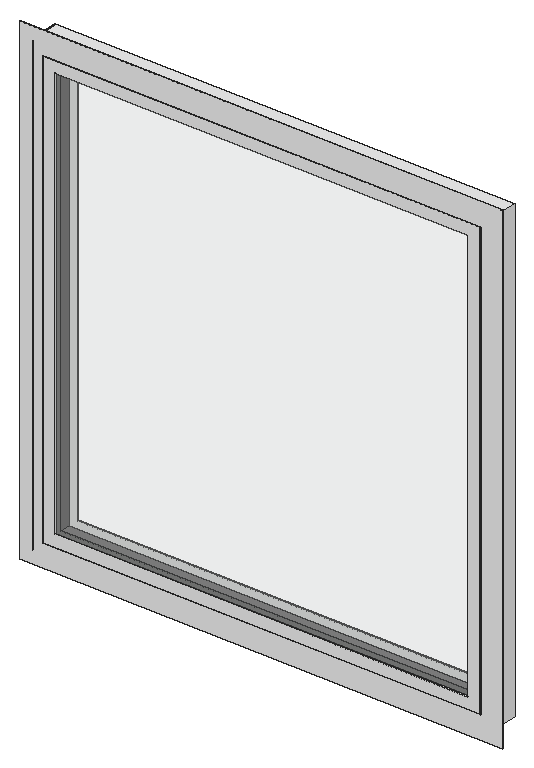
Revit family "Casement_28_B_Side_Hung_Standard", category Windows, host Wall, Revit 2014
Parameters (values of type "Casement_Sash_DG")
  Width Sash [instance] = 30 mm
  Width Sash Inner = 15 mm
  Width Bead = 15 mm
  Top Hung [instance] = yes
  Side Hung Right [instance] = yes
  Side Hung Left [instance] = yes
  Sash Opening Width [instance] = 600 mm
  Sash Opening Height [instance] = 600.312 mm
  Sash Lip = 15 mm
  Glazing Material [instance] = Glass
  DG Start Piece 2 [instance] = DG End Piece 1 + DG Gasket Thickness  # 25 mm
  DG Start Peice 1 [instance] = (Depth Sash - (2 * DG Glazing Thickness) - DG Gasket Thickness) / 2  # 6.6 mm
  Glazing Offset = 5 mm
  DG Glazing Thickness [instance] = 6.4 mm
  DG Gasket Thickness = 12 mm  # constant formula
  DG Gasket Material [instance] = Double Glazing Gasket Material
  DG End Piece 2 [instance] = DG Start Piece 2 + DG Glazing Thickness  # 31.4 mm
  DG End Piece 1 [instance] = DG Start Peice 1 + DG Glazing Thickness  # 13 mm
  Depth Sash [instance] = 38 mm
  Center Vertical Sash [instance] = Sash Opening Height / 2  # 300.156 mm
  Center Horizontal Sash [instance] = Sash Opening Width / 2  # 300 mm
  Bottom Hung [instance] = yes
  Bead Offset = 15 mm
  Aluminium Thickness = 1 mm
  Aluminium Material [instance] = White Powder Coated Aluminium
Reference planes
  plane 1 "Center (Front/Back)": y = 0
  plane 2: z = 0
  plane 3 "Center (Left/Right)": x = 0
Forms (mm)
  Sweep 1, solid, material "White Powder Coated Aluminium" <- "Aluminium Material"
    path origin (16.177, 0, 121.331) x (1, 0, 0) y (0, 0, 1)
      loop
        line (0, 0) -> (600, 0) -> (600, 600.312) -> (0, 600.312) -> (0, 0)
    profile origin (316.177, 0, 121.331) x (0, 0, 1) y (0, -1, 0)
      loop
        line (0, 0) -> (30, 0) -> (30, 1) -> (15, 1) -> (15, 38) -> (-15, 38) -> (-15, 37) -> (0, 37) -> (0, 0)
      loop
        line (14, 1) -> (14, 37) -> (1, 37) -> (1, 1) -> (14, 1)
  Sweep 2, solid, material "White Powder Coated Aluminium" <- "Aluminium Material"
    path origin (0, 0, 0) x (1, 0, 0) y (0, 0, 1)
      loop
        line (31.177, 706.643) -> (31.177, 136.331) -> (601.177, 136.331) -> (601.177, 706.643) -> (31.177, 706.643)
    profile origin (316.177, 0, 706.643) x (0, 0, 1) y (0, -1, 0)
      loop
        line (0, 37) -> (0, 38) -> (-15, 38) -> (-15, 37) -> (0, 37)
  Extrusion 3, solid, material "Glass" <- "Glazing Material"
    sketch origin (0, 0, 0) x (1, 0, 0) y (0, 0, 1)
      loop
        line (36.177, 701.643) -> (36.177, 141.331) -> (596.177, 141.331) -> (596.177, 701.643) -> (36.177, 701.643)
    from 6.6 <- "DG Start Peice 1" to 13 <- "DG End Piece 1"
  Extrusion 4, solid, material "Glass" <- "Glazing Material"
    sketch origin (0, 0, 0) x (1, 0, 0) y (0, 0, 1)
      loop
        line (36.177, 701.643) -> (36.177, 141.331) -> (596.177, 141.331) -> (596.177, 701.643) -> (36.177, 701.643)
    from 31.4 <- "DG End Piece 2" to 25 <- "DG Start Piece 2"
  Sweep 5, solid, material "Double Glazing Gasket Material" <- "DG Gasket Material"
    path origin (0, -13, 0) x (1, 0, 0) y (0, 0, 1)
      loop
        line (36.177, 701.643) -> (36.177, 141.331) -> (596.177, 141.331) -> (596.177, 701.643) -> (36.177, 701.643)
    profile origin (316.177, -13, 701.643) x (0, 0, 1) y (0, -1, 0)
      loop
        line (0, 0) -> (0, 12) -> (-7.96, 12) -> (-7.96, 0) -> (0, 0)
Lines and regions (mm)
  model lines
    curve 1: line (1.177, -38, 736.643) -> (31.177, -38, 706.643)
    curve 2: line (601.177, -38, 706.643) -> (631.177, -38, 736.643)
    curve 3: line (601.177, -38, 136.331) -> (631.177, -38, 106.331)
    curve 4: line (1.177, -38, 106.331) -> (31.177, -38, 136.331)
    curve 5: line (631.177, -37, 736.643) -> (616.177, -37, 721.643)
    curve 6: line (1.177, -37, 736.643) -> (16.177, -37, 721.643)
    curve 7: line (1.177, -37, 106.331) -> (16.177, -37, 121.331)
    curve 8: line (631.177, -37, 106.331) -> (616.177, -37, 121.331)
    curve 9: line (616.177, 0, 121.331) -> (586.177, 0, 151.331)
    curve 10: line (46.177, 0, 151.331) -> (16.177, 0, 121.331)
    curve 11: line (616.177, 0, 721.643) -> (586.177, 0, 691.643)
    curve 12: line (46.177, 0, 691.643) -> (16.177, 0, 721.643)
    curve 13: line (31.177, -38, 691.643) -> (46.177, -38, 691.643)
    curve 14: line (586.177, -38, 691.643) -> (601.177, -38, 691.643)
    curve 15: line (586.177, -38, 151.331) -> (601.177, -38, 151.331)
    curve 16: line (31.177, -38, 151.331) -> (46.177, -38, 151.331)
  model lines, style "GenericModelHiddenLines", visible <- "Top Hung"
    curve 17: line (46.386, -31.4, 690.914) -> (316.177, -31.4, 151.331)
    curve 18: line (316.177, -31.4, 151.331) -> (586.177, -31.4, 691.331)
  model lines, style "GenericModelHiddenLines", visible <- "Bottom Hung"
    curve 19: line (46.177, -31.4, 151.331) -> (316.177, -31.4, 691.331)
    curve 20: line (316.177, -31.4, 691.331) -> (586.177, -31.4, 151.331)
  model lines, style "GenericModelHiddenLines", visible <- "Side Hung Left"
    curve 21: line (46.386, -31.4, 690.914) -> (585.24, -31.4, 421.487)
    curve 22: line (585.24, -31.4, 421.487) -> (46.177, -31.4, 151.331)
  model lines, style "GenericModelHiddenLines", visible <- "Side Hung Right"
    curve 23: line (586.177, -31.4, 691.331) -> (46.177, -31.4, 421.487)
    curve 24: line (46.177, -31.4, 421.487) -> (586.177, -31.4, 151.331)
Dimensions and locks
  "Aluminium Thickness": Sweep 1 sketch curve to Sweep 1 sketch curve  (x4)
  "Depth Sash": Sweep 1 sketch curve to Sweep 1 sketch curve
  "Sash Opening Width": Sweep 1 to Sweep 1
  "Sash Opening Height": Sweep 1 to Sweep 1
  "Width Sash": Sweep 1 sketch curve to Sweep 1 sketch curve  (x2)
  "Width Sash Inner": Sweep 1 sketch curve to Sweep 1 sketch curve
  "Sash Lip": Sweep 1 sketch curve to Sweep 1 sketch curve
  "Aluminium Thickness": Sweep 1 to Sweep 2 sketch curve
  "Glazing Offset": Sweep 2 to Extrusion 3 sketch curve  (x3)
  "Glazing Offset": Extrusion 3 sketch curve to Sweep 2
  Sweep 1 to Sweep 1 = 1 mm
  "Aluminium Thickness": Sweep 2 sketch curve to Sweep 2 sketch curve
  "Width Bead": Sweep 2 sketch curve to Sweep 2 sketch curve
  locked: Sweep 5 sketch curve to Sweep 5 sketch curve at 7.96
  "Center Horizontal Sash": Sweep 1 to curve 18
  "Center Horizontal Sash": Sweep 1 to curve 20
  "Center Vertical Sash": Sweep 1 to curve 22
  "Center Vertical Sash": Sweep 1 to curve 24
  aligned and locked: level to plane 2
  aligned and locked: Sweep 1 sketch curve to Sweep 1 sketch curve  (x2)
  aligned and locked: Sweep 2 sketch curve to Sweep 1  (x5)
  aligned and locked: Extrusion 4 sketch curve to Extrusion 3  (x4)
  aligned and locked: Sweep 5 sketch curve to Extrusion 3  (x5)
  aligned and locked: Extrusion 3 to Sweep 5 sketch curve
Automatic sketch dimensions
  plane 3 "Center (Left/Right)" to Sweep 1 sketch curve = 16.177 mm
  level to Sweep 1 sketch curve = 121.331 mm
  plane 3 "Center (Left/Right)" to Sweep 1 sketch curve = 616.177 mm
  level to Sweep 1 sketch curve = 721.643 mm
  profile plane to Sweep 5 sketch curve = 12 mm
  curve 7 to Sweep 1 = 0 mm  (x4)
  curve 6 to Sweep 1 = 0 mm  (x3)
  Sweep 1 to curve 6 = 0 mm
  curve 5 to Sweep 1 = 0 mm  (x3)
  curve 8 to Sweep 1 = 0 mm  (x4)
  Sweep 1 to curve 5 = 0 mm
  curve 16 to Sweep 2 = 0 mm  (x3)
  curve 13 to Sweep 2 = 0 mm  (x3)
  curve 15 to Sweep 2 = 0 mm
  Sweep 2 to curve 15 = 0 mm  (x2)
  curve 14 to Sweep 2 = 0 mm  (x2)
  Sweep 2 to curve 14 = 0 mm
  curve 1 to Sweep 1 = 0 mm  (x4)
  curve 4 to Sweep 1 = 0 mm  (x3)
  Sweep 1 to curve 4 = 0 mm
  curve 3 to Sweep 1 = 0 mm  (x3)
  curve 2 to Sweep 1 = 0 mm  (x4)
  Sweep 1 to curve 3 = 0 mm
  curve 10 to Sweep 1 = 0 mm  (x4)
  curve 12 to Sweep 1 = 0 mm  (x3)
  Sweep 1 to curve 12 = 0 mm
  curve 9 to Sweep 1 = 0 mm  (x4)
  curve 11 to Sweep 1 = 0 mm  (x3)
  Sweep 1 to curve 11 = 0 mm
  Sweep 1 sketch curve to plane 1 "Center (Front/Back)" = 0 mm
  profile plane to Sweep 1 sketch curve = 0 mm
  curve 21 to Extrusion 4 = 10.208 mm
  curve 19 to Extrusion 4 = 10 mm
  curve 23 to Extrusion 4 = 10 mm  (x2)
  curve 22 to Extrusion 4 = 10.937 mm
  curve 20 to Extrusion 4 = 10 mm
  curve 24 to Extrusion 4 = 10 mm
  curve 22 to Extrusion 4 = 10 mm
  curve 18 to Extrusion 4 = 10 mm
  curve 21 to Extrusion 4 = 10.729 mm
  curve 19 to Extrusion 4 = 10.312 mm
  curve 18 to Extrusion 4 = 10.312 mm
Types in the file's own list only (18): name | Windload Design | Width Sash Opening | Width Sash | Width Profile | Width Panel 4 | Width Panel 1 | Width | URL | Offset Window Exterior | Max Pane Area | Limit Fixed Panel Width Max | Intruderprufe U Value | Intruderprufe SHGC Value | Intruderprufe LowE U Value | Intruderprufe LowE SHGC Value | Height Sash Opening | Height | Energy Advantage U Value | Energy Advantage SHGC Value | Custom Window Width | Custom Window Height | Window Exterior Offset | Custom Windload | Custom Sash Width | Single Glazing | Sash Spacing Inner | Sash Overlap | Sash Center Offset | SG Gasket Thickness | Offset Sash Left | Offset Sash Top | Offset Panel 4 Left | Offset Mullion Left | Offset Bead SG Center Reversed | Model | Manufacturer | Limit Window Width Min | Limit Window Width Max | Limit Window Height Min | Limit Window Height Max | Limit Sash Width Min | Limit Sash Width Max | Limit Sash Height Min | Limit Sash Height Max | Limit Fixed Panel Width Min | Length Mullion | Height Sash | Height Panel 4 | Description | Depth Mullion | Frame Center Offset | Depth Bead | Default Sill Height | Wall Closure | Mullion Depth Windload Based | Clearvue U Value | Clearvue SHGC Value | Casement Dimension | Bead SG Gap | Area Pane Right | Area Pane Left
  28-0909S-1000Pa | 1000 mm | 554 mm | 524 mm | 30 mm | 261 mm | 539 mm | 890 mm | "http://www.crealco.co.za/crealco-products.php" | 14 mm | 0.37 m² | 1500 mm | 6.13 | 0.582 | 4.54 | 0.512 | 844 mm | 890 mm | 4.75 | 0.514 | 890 mm | 890 mm | 0 mm | 1000 mm | 554 mm | Yes | 8 mm | 7 mm | 11 mm | 6 mm | 23 mm | 23 mm | 599 mm | 569 mm | 14 mm | "Casement 28" | "Crealco" | 829 mm | 2129 mm | 346 mm | 1246 mm | 300 mm | 600 mm | 300 mm | 1200 mm | 200 mm | 890 mm | 814 mm | 830 mm | "Window 28mm, Type B side hung" | 29 mm | 14 mm | 14 mm | 800 mm | By host | 29 mm | 6.15 | 0.577 | 28 mm | 13 mm | 0.21 m² | 0.37 m²
  28-1209S-1000Pa | 1000 mm | 554 mm | 524 mm | 30 mm | 561 mm | 539 mm | 1190 mm | "http://www.crealco.co.za/crealco-products.php" | 14 mm | 0.45 m² | 1500 mm | 6.06 | 0.601 | 4.39 | 0.544 | 844 mm | 890 mm | 4.16 | 0.559 | 1190 mm | 890 mm | 0 mm | 1000 mm | 554 mm | Yes | 8 mm | 7 mm | 11 mm | 6 mm | 23 mm | 23 mm | 599 mm | 569 mm | 14 mm | "Casement 28" | "Crealco" | 829 mm | 2129 mm | 346 mm | 1246 mm | 300 mm | 600 mm | 300 mm | 1200 mm | 200 mm | 890 mm | 814 mm | 830 mm | "Window 28mm, Type B side hung" | 29 mm | 14 mm | 14 mm | 800 mm | By host | 29 mm | 6.1 | 0.624 | 28 mm | 13 mm | 0.45 m² | 0.37 m²
  28-1509S-1000Pa | 1000 mm | 554 mm | 524 mm | 30 mm | 861 mm | 539 mm | 1490 mm | "http://www.crealco.co.za/crealco-products.php" | 14 mm | 0.70 m² | 1500 mm | 6.01 | 0.625 | 4.3 | 0.563 | 844 mm | 890 mm | 4.51 | 0.58 | 1490 mm | 890 mm | 0 mm | 1000 mm | 554 mm | Yes | 8 mm | 7 mm | 11 mm | 6 mm | 23 mm | 23 mm | 599 mm | 569 mm | 14 mm | "Casement 28" | "Crealco" | 829 mm | 2129 mm | 346 mm | 1246 mm | 300 mm | 600 mm | 300 mm | 1200 mm | 200 mm | 890 mm | 814 mm | 830 mm | "Window 28mm, Type B side hung" | 29 mm | 14 mm | 14 mm | 800 mm | By host | 29 mm | 6.07 | 0.653 | 28 mm | 13 mm | 0.70 m² | 0.37 m²
  28-0912S-1000Pa | 1000 mm | 554 mm | 524 mm | 30 mm | 261 mm | 539 mm | 890 mm | "http://www.crealco.co.za/crealco-products.php" | 14 mm | 0.52 m² | 1500 mm | 6.11 | 0.582 | 4.5 | 0.524 | 1144 mm | 1190 mm | 4.69 | 0.541 | 890 mm | 1190 mm | 0 mm | 1000 mm | 554 mm | Yes | 8 mm | 7 mm | 11 mm | 6 mm | 23 mm | 23 mm | 599 mm | 569 mm | 14 mm | "Casement 28" | "Crealco" | 829 mm | 2129 mm | 346 mm | 1246 mm | 300 mm | 600 mm | 300 mm | 1200 mm | 200 mm | 1190 mm | 1114 mm | 1130 mm | "Window 28mm, Type B side hung" | 29 mm | 14 mm | 14 mm | 800 mm | By host | 29 mm | 6.13 | 0.599 | 28 mm | 13 mm | 0.28 m² | 0.52 m²
  28-0912S-1500Pa | 1500 mm | 554 mm | 524 mm | 30 mm | 261 mm | 539 mm | 890 mm | "http://www.crealco.co.za/crealco-products.php" | 14 mm | 0.52 m² | 1500 mm | 6.15 | 0.564 | 4.64 | 0.524 | 1144 mm | 1190 mm | 4.83 | 0.541 | 890 mm | 1190 mm | 0 mm | 1500 mm | 554 mm | Yes | 8 mm | 7 mm | 11 mm | 6 mm | 23 mm | 23 mm | 599 mm | 569 mm | 14 mm | "Casement 28" | "Crealco" | 829 mm | 2129 mm | 346 mm | 1246 mm | 300 mm | 600 mm | 300 mm | 1200 mm | 200 mm | 1190 mm | 1114 mm | 1130 mm | "Window 28mm, Type B side hung" | 54 mm | 14 mm | 14 mm | 800 mm | By host | 54 mm | 6.25 | 0.599 | 28 mm | 13 mm | 0.28 m² | 0.52 m²
  28-1212S-1000Pa | 1000 mm | 554 mm | 524 mm | 30 mm | 561 mm | 539 mm | 1190 mm | "http://www.crealco.co.za/crealco-products.php" | 14 mm | 0.62 m² | 1500 mm | 6.06 | 0.609 | 4.44 | 0.557 | 1144 mm | 1190 mm | 4.63 | 0.578 | 1190 mm | 1190 mm | 0 mm | 1000 mm | 554 mm | Yes | 8 mm | 7 mm | 11 mm | 6 mm | 23 mm | 23 mm | 599 mm | 569 mm | 14 mm | "Casement 28" | "Crealco" | 829 mm | 2129 mm | 346 mm | 1246 mm | 300 mm | 600 mm | 300 mm | 1200 mm | 200 mm | 1190 mm | 1114 mm | 1130 mm | "Window 28mm, Type B side hung" | 54 mm | 14 mm | 14 mm | 800 mm | By host | 54 mm | 6.17 | 0.646 | 28 mm | 13 mm | 0.62 m² | 0.52 m²
  28-1512S-1000Pa | 1000 mm | 554 mm | 524 mm | 30 mm | 861 mm | 539 mm | 1490 mm | "http://www.crealco.co.za/crealco-products.php" | 14 mm | 0.95 m² | 1500 mm | 6.01 | 0.635 | 4.33 | 0.577 | 1144 mm | 1190 mm | 4.5 | 0.6 | 1490 mm | 1190 mm | 0 mm | 1000 mm | 554 mm | Yes | 8 mm | 7 mm | 11 mm | 6 mm | 23 mm | 23 mm | 599 mm | 569 mm | 14 mm | "Casement 28" | "Crealco" | 829 mm | 2129 mm | 346 mm | 1246 mm | 300 mm | 600 mm | 300 mm | 1200 mm | 200 mm | 1190 mm | 1114 mm | 1130 mm | "Window 28mm, Type B side hung" | 54 mm | 14 mm | 14 mm | 800 mm | By host | 54 mm | 6.12 | 0.675 | 28 mm | 13 mm | 0.95 m² | 0.52 m²
  28-0909S-1500Pa | 1500 mm | 554 mm | 524 mm | 30 mm | 261 mm | 539 mm | 890 mm | "http://www.crealco.co.za/crealco-products.php" | 14 mm | 0.37 m² | 1500 mm | 6.13 | 0.582 | 4.54 | 0.512 | 844 mm | 890 mm | 4.75 | 0.514 | 890 mm | 890 mm | 0 mm | 1500 mm | 554 mm | Yes | 8 mm | 7 mm | 11 mm | 6 mm | 23 mm | 23 mm | 599 mm | 569 mm | 14 mm | "Casement 28" | "Crealco" | 829 mm | 2129 mm | 346 mm | 1246 mm | 300 mm | 600 mm | 300 mm | 1200 mm | 200 mm | 890 mm | 814 mm | 830 mm | "Window 28mm, Type B side hung" | 29 mm | 14 mm | 14 mm | 800 mm | By host | 29 mm | 6.15 | 0.577 | 28 mm | 13 mm | 0.21 m² | 0.37 m²
  28-0909S-2000Pa | 2000 mm | 554 mm | 524 mm | 30 mm | 261 mm | 539 mm | 890 mm | "http://www.crealco.co.za/crealco-products.php" | 14 mm | 0.37 m² | 1500 mm | 6.13 | 0.582 | 4.54 | 0.512 | 844 mm | 890 mm | 4.75 | 0.514 | 890 mm | 890 mm | 0 mm | 2000 mm | 554 mm | Yes | 8 mm | 7 mm | 11 mm | 6 mm | 23 mm | 23 mm | 599 mm | 569 mm | 14 mm | "Casement 28" | "Crealco" | 829 mm | 2129 mm | 346 mm | 1246 mm | 300 mm | 600 mm | 300 mm | 1200 mm | 200 mm | 890 mm | 814 mm | 830 mm | "Window 28mm, Type B side hung" | 29 mm | 14 mm | 14 mm | 800 mm | By host | 29 mm | 6.15 | 0.577 | 28 mm | 13 mm | 0.21 m² | 0.37 m²
  28-0912S-2000Pa | 2000 mm | 554 mm | 524 mm | 30 mm | 261 mm | 539 mm | 890 mm | "http://www.crealco.co.za/crealco-products.php" | 14 mm | 0.52 m² | 1500 mm | 6.15 | 0.564 | 4.64 | 0.524 | 1144 mm | 1190 mm | 4.83 | 0.541 | 890 mm | 1190 mm | 0 mm | 2000 mm | 554 mm | Yes | 8 mm | 7 mm | 11 mm | 6 mm | 23 mm | 23 mm | 599 mm | 569 mm | 14 mm | "Casement 28" | "Crealco" | 829 mm | 2129 mm | 346 mm | 1246 mm | 300 mm | 600 mm | 300 mm | 1200 mm | 200 mm | 1190 mm | 1114 mm | 1130 mm | "Window 28mm, Type B side hung" | 54 mm | 14 mm | 14 mm | 800 mm | By host | 54 mm | 6.25 | 0.599 | 28 mm | 13 mm | 0.28 m² | 0.52 m²
  28-1209S-1500Pa | 1500 mm | 554 mm | 524 mm | 30 mm | 561 mm | 539 mm | 1190 mm | "http://www.crealco.co.za/crealco-products.php" | 14 mm | 0.45 m² | 1500 mm | 6.06 | 0.601 | 4.39 | 0.544 | 844 mm | 890 mm | 4.16 | 0.559 | 1190 mm | 890 mm | 0 mm | 1500 mm | 554 mm | Yes | 8 mm | 7 mm | 11 mm | 6 mm | 23 mm | 23 mm | 599 mm | 569 mm | 14 mm | "Casement 28" | "Crealco" | 829 mm | 2129 mm | 346 mm | 1246 mm | 300 mm | 600 mm | 300 mm | 1200 mm | 200 mm | 890 mm | 814 mm | 830 mm | "Window 28mm, Type B side hung" | 29 mm | 14 mm | 14 mm | 800 mm | By host | 29 mm | 6.1 | 0.624 | 28 mm | 13 mm | 0.45 m² | 0.37 m²
  28-1209S-2000Pa | 2000 mm | 554 mm | 524 mm | 30 mm | 561 mm | 539 mm | 1190 mm | "http://www.crealco.co.za/crealco-products.php" | 14 mm | 0.45 m² | 1500 mm | 6.06 | 0.601 | 4.39 | 0.544 | 844 mm | 890 mm | 4.16 | 0.559 | 1190 mm | 890 mm | 0 mm | 2000 mm | 554 mm | Yes | 8 mm | 7 mm | 11 mm | 6 mm | 23 mm | 23 mm | 599 mm | 569 mm | 14 mm | "Casement 28" | "Crealco" | 829 mm | 2129 mm | 346 mm | 1246 mm | 300 mm | 600 mm | 300 mm | 1200 mm | 200 mm | 890 mm | 814 mm | 830 mm | "Window 28mm, Type B side hung" | 29 mm | 14 mm | 14 mm | 800 mm | By host | 29 mm | 6.1 | 0.624 | 28 mm | 13 mm | 0.45 m² | 0.37 m²
  28-1212S-1500Pa | 1500 mm | 554 mm | 524 mm | 30 mm | 561 mm | 539 mm | 1190 mm | "http://www.crealco.co.za/crealco-products.php" | 14 mm | 0.62 m² | 1500 mm | 6.06 | 0.609 | 4.44 | 0.557 | 1144 mm | 1190 mm | 4.63 | 0.578 | 1190 mm | 1190 mm | 0 mm | 1500 mm | 554 mm | Yes | 8 mm | 7 mm | 11 mm | 6 mm | 23 mm | 23 mm | 599 mm | 569 mm | 14 mm | "Casement 28" | "Crealco" | 829 mm | 2129 mm | 346 mm | 1246 mm | 300 mm | 600 mm | 300 mm | 1200 mm | 200 mm | 1190 mm | 1114 mm | 1130 mm | "Window 28mm, Type B side hung" | 54 mm | 14 mm | 14 mm | 800 mm | By host | 54 mm | 6.17 | 0.646 | 28 mm | 13 mm | 0.62 m² | 0.52 m²
  28-1212S-2000Pa | 2000 mm | 554 mm | 524 mm | 30 mm | 561 mm | 539 mm | 1190 mm | "http://www.crealco.co.za/crealco-products.php" | 14 mm | 0.62 m² | 1500 mm | 6.06 | 0.609 | 4.44 | 0.557 | 1144 mm | 1190 mm | 4.63 | 0.578 | 1190 mm | 1190 mm | 0 mm | 2000 mm | 554 mm | Yes | 8 mm | 7 mm | 11 mm | 6 mm | 23 mm | 23 mm | 599 mm | 569 mm | 14 mm | "Casement 28" | "Crealco" | 829 mm | 2129 mm | 346 mm | 1246 mm | 300 mm | 600 mm | 300 mm | 1200 mm | 200 mm | 1190 mm | 1114 mm | 1130 mm | "Window 28mm, Type B side hung" | 54 mm | 14 mm | 14 mm | 800 mm | By host | 54 mm | 6.17 | 0.646 | 28 mm | 13 mm | 0.62 m² | 0.52 m²
  28-1509S-1500Pa | 1500 mm | 554 mm | 524 mm | 30 mm | 861 mm | 539 mm | 1490 mm | "http://www.crealco.co.za/crealco-products.php" | 14 mm | 0.70 m² | 1500 mm | 6.01 | 0.625 | 4.3 | 0.563 | 844 mm | 890 mm | 4.51 | 0.58 | 1490 mm | 890 mm | 0 mm | 1500 mm | 554 mm | Yes | 8 mm | 7 mm | 11 mm | 6 mm | 23 mm | 23 mm | 599 mm | 569 mm | 14 mm | "Casement 28" | "Crealco" | 829 mm | 2129 mm | 346 mm | 1246 mm | 300 mm | 600 mm | 300 mm | 1200 mm | 200 mm | 890 mm | 814 mm | 830 mm | "Window 28mm, Type B side hung" | 29 mm | 14 mm | 14 mm | 800 mm | By host | 29 mm | 6.07 | 0.653 | 28 mm | 13 mm | 0.70 m² | 0.37 m²
  28-1509S-2000Pa | 2000 mm | 554 mm | 524 mm | 30 mm | 861 mm | 539 mm | 1490 mm | "http://www.crealco.co.za/crealco-products.php" | 14 mm | 0.70 m² | 1500 mm | 6.01 | 0.625 | 4.3 | 0.563 | 844 mm | 890 mm | 4.51 | 0.58 | 1490 mm | 890 mm | 0 mm | 2000 mm | 554 mm | Yes | 8 mm | 7 mm | 11 mm | 6 mm | 23 mm | 23 mm | 599 mm | 569 mm | 14 mm | "Casement 28" | "Crealco" | 829 mm | 2129 mm | 346 mm | 1246 mm | 300 mm | 600 mm | 300 mm | 1200 mm | 200 mm | 890 mm | 814 mm | 830 mm | "Window 28mm, Type B side hung" | 29 mm | 14 mm | 14 mm | 800 mm | By host | 29 mm | 6.07 | 0.653 | 28 mm | 13 mm | 0.70 m² | 0.37 m²
  28-1512S-1500Pa | 1500 mm | 554 mm | 524 mm | 30 mm | 861 mm | 539 mm | 1490 mm | "http://www.crealco.co.za/crealco-products.php" | 14 mm | 0.95 m² | 1500 mm | 6.01 | 0.635 | 4.33 | 0.577 | 1144 mm | 1190 mm | 4.5 | 0.6 | 1490 mm | 1190 mm | 0 mm | 1500 mm | 554 mm | Yes | 8 mm | 7 mm | 11 mm | 6 mm | 23 mm | 23 mm | 599 mm | 569 mm | 14 mm | "Casement 28" | "Crealco" | 829 mm | 2129 mm | 346 mm | 1246 mm | 300 mm | 600 mm | 300 mm | 1200 mm | 200 mm | 1190 mm | 1114 mm | 1130 mm | "Window 28mm, Type B side hung" | 54 mm | 14 mm | 14 mm | 800 mm | By host | 54 mm | 6.12 | 0.675 | 28 mm | 13 mm | 0.95 m² | 0.52 m²
  28-1512S-2000Pa | 2000 mm | 554 mm | 524 mm | 30 mm | 861 mm | 539 mm | 1490 mm | "http://www.crealco.co.za/crealco-products.php" | 14 mm | 0.95 m² | 1500 mm | 6.01 | 0.635 | 4.33 | 0.577 | 1144 mm | 1190 mm | 4.5 | 0.6 | 1490 mm | 1190 mm | 0 mm | 2000 mm | 554 mm | Yes | 8 mm | 7 mm | 11 mm | 6 mm | 23 mm | 23 mm | 599 mm | 569 mm | 14 mm | "Casement 28" | "Crealco" | 829 mm | 2129 mm | 346 mm | 1246 mm | 300 mm | 600 mm | 300 mm | 1200 mm | 200 mm | 1190 mm | 1114 mm | 1130 mm | "Window 28mm, Type B side hung" | 54 mm | 14 mm | 14 mm | 800 mm | By host | 54 mm | 6.12 | 0.675 | 28 mm | 13 mm | 0.95 m² | 0.52 m²
